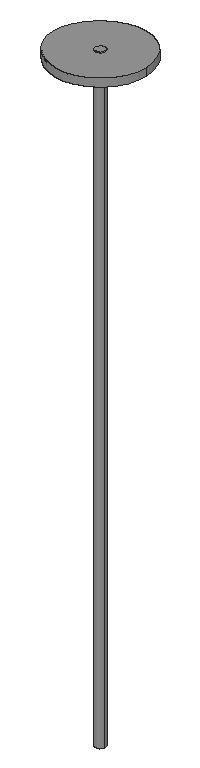
Revit family "Graypants_Roest_15v_30v_45v_Pendant_R21_0925", category Lighting Fixtures, host Face, Revit 2021
Family settings
  Host = Face
  Round Connector Dimension = Use Diameter
  Part Type = Normal
  Cut with Voids When Loaded = No
  Light Source = Yes
  Shared = No
  Room Calculation Point = No
Parameters (values of type "Graypants_Roest_45v_Pendant")
  Wattage = 9.2903 W
  built-in parameter 1150110 = 1 (stored number, unit not read)
  built-in parameter 1114217 = 1 (stored number, unit not read)
  built-in parameter 1150109 = 1 (stored number, unit not read)
  built-in parameter 1150134 = (empty or 0)
  built-in parameter 1150113 = 1 (stored number, unit not read)
  built-in parameter 1150105 = 109.82 (stored number, unit not read)
  Lumens = 1380 lm
  built-in parameter 1150115 = 1 (stored number, unit not read)
  Light Source Symbol Size = 0' - 2 3/8"
  Light Source Height [instance] = 6' - 8.87574"
  built-in parameter 1150137 = (empty or 0)
  built-in parameter 1150139 = (empty or 0)
  built-in parameter 1150112 = 1 (stored number, unit not read)
  built-in parameter 1150114 = 1 (stored number, unit not read)
  built-in parameter 1150132 = (empty or 0)
  built-in parameter 1150102 = (empty or 0)
  built-in parameter 1150107 = 2700 (stored number, unit not read)
  built-in parameter 1150138 = (empty or 0)
  built-in parameter 1150106 = 1.0982 (stored number, unit not read)
  Graypants_Voltage = "GU10 - 120V\n | Optional Integrated LED - 120-277V"
  Graypants_URL = "www.graypants.com"
  Graypants_Spec_Sheet = "https://www.dropbox.com/scl/fo/zxslw7fhbss0qgtmx8df2/ANZ-ga-mVAo56g1C9NGR9D8/Products/Roest/Vertical%20Pendant/Spec%20Sheets?preview=Roest+Pendant+Vertical+Spec+Sheet_US.pdf&rlkey=glrraudipnzhgqgd2zad6qe0a&subfolder_nav_tracking=1&st=npss9gzz&dl=0"
  Graypants_Shade_Material_Finish [instance] = none
  Graypants_Shade_Finish_Options = "Rust | \nRust/Zinc | \nZinc\n | Carbon"
  Graypants_SKU = "45v Pendant Zinc - GP2002-AZ\n | 45v Pendant Carbon - GP2002-C | 45v Pendant Rust - GP2002-N | \n45v Pendant Rust/Zinc - GP2002-Z"
  Graypants_Model = "45v Pendant"
  Graypants_Manufacturer = "Graypants"
  Graypants_Initial_Intensity = "GU10 - Dependant on Lamp | \nOptional Integrated LED - NA"
  Graypants_Initial_Color_Temperature = "GU10 - 2700K Recommended / Dependant on Lamp\n | Integrated LED - 2700K"
  Graypants_Dimming = "GU10 - Depending on lamp\n | Optional Integrated LED - 0-10v or Triac/ELV"
  Graypants_Description = "The Roest collection bends the norm with its unpretentious simplicity, in which the design has met no equal. Nature’s reaction between \niron, oxygen, water and time. Designed by VanJoost and hand-made in Holland, Roest presents natural colors in unusual settings."
  Graypants_Cord_Material_Finish = _Graypants_Black_Finish
  Graypants_Cord/Canopy_Finish_Options = "Black"
  Graypants_Canopy_Material_Finish = _Graypants_Black_Finish
  Graypants_Apparent_Load = "GU10, Max 10W LED | \nOptional Integrated LED - 12W"
  Graypants_45v_Shade_Visible = yes
  Graypants_45v_Cord_Visible = yes
  Graypants_45v_Canopy_Visible = yes
  Graypants_30v_Shade_Visible = no
  Graypants_30v_Cord_Visible = no
  Graypants_30v_Canopy_Visible = no
  Graypants_15v_Shade_Visible = no
  Graypants_15v_Cord_Visible = no
  Graypants_15v_Canopy_Visible = no
  Floor to Ceiling [instance] = 10' - 0"
  Floor to Bottom of Shade [instance] = 6' - 0"
  Emit from Line Length = 1' - 5 183/256"
  built-in parameter 1150104 = 13.8 (stored number, unit not read)
  Dimming Lamp Color Temperature Shift = <None>
  Default Elevation = 4' - 0"
  Color Filter = 16777215
  built-in parameter 1114218 = 1 (stored number, unit not read)
  built-in parameter 1150133 = 10 (stored number, unit not read)
  Adjusted 45v Floor to Bottom of Shade [instance] = Floor to Bottom of Shade + 1' 5 183/256"  # 7' - 5 183/256"
  Adjusted 30v Floor to Bottom of Shade [instance] = Floor to Bottom of Shade + 0' 11 13/16"  # 6' - 11 13/16"
  Adjusted 15v Floor to Bottom of Shade [instance] = Floor to Bottom of Shade + 0' 5 29/32"  # 6' - 5 29/32"
Types (4): name | Light Source Height | Graypants_SKU | Graypants_Model | Graypants_Dimming | Graypants_Apparent_Load | Graypants_45v_Shade_Visible | Graypants_45v_Cord_Visible | Graypants_45v_Canopy_Visible | Graypants_30v_Shade_Visible | Graypants_30v_Cord_Visible | Graypants_30v_Canopy_Visible | Graypants_15v_Shade_Visible | Graypants_15v_Cord_Visible | Graypants_15v_Canopy_Visible | Emit from Line Length
  (no name) | 6' - 8.87574" | "45v Pendant Zinc - GP2002-AZ\n | 45v Pendant Carbon - GP2002-C | 45v Pendant Rust - GP2002-N | \n45v Pendant Rust/Zinc - GP2002-Z" | "45v Pendant" | "GU10 - Depending on lamp\n | Optional Integrated LED - 0-10v or Triac/ELV" | "GU10, Max 10W LED | \nOptional Integrated LED - 12W" | yes | yes | yes | no | no | no | no | no | no | 1' - 5 183/256"
  Graypants_Roest_15v_Pendant | 6' - 2.95518" | "15v Pendant Zinc - GP2000-AZ | \n15v Pendant Carbon - GP2000-C | 15v Pendant Rust - GP2000-N\n | 15v Pendant Rust/Zinc - GP2000-Z" | "15v Pendant" | "GU10 - Depending on lamp | \nOptional Integrated LED - 0-10v or Triac/ELV" | "GU10, Max 10W LED | \nOptional Integrated LED - 12W" | no | no | no | no | no | no | yes | yes | yes | 0' - 5 29/32"
  Graypants_Roest_30v_Pendant | 6' - 5.90699" | "30v Pendant Zinc - GP2001-AZ\n | 30v Pendant Carbon - GP2001-C | 30v Pendant Rust - GP2001-N | \n30v Pendant Rust/Zinc - GP2001-Z" | "30v Pendant" | "GU10 - Depending on lamp | \nOptional Integrated LED - 0-10v or Triac/ELV" | "GU10, Max 10W LED\n | Optional Integrated LED - 12W" | no | no | no | yes | yes | yes | no | no | no | 0' - 11 13/16"
  Graypants_Roest_45v_Pendant | 6' - 8.87574" | "45v Pendant Zinc - GP2002-AZ\n | 45v Pendant Carbon - GP2002-C | 45v Pendant Rust - GP2002-N | \n45v Pendant Rust/Zinc - GP2002-Z" | "45v Pendant" | "GU10 - Depending on lamp\n | Optional Integrated LED - 0-10v or Triac/ELV" | "GU10, Max 10W LED | \nOptional Integrated LED - 12W" | yes | yes | yes | no | no | no | no | no | no | 1' - 5 183/256"
Reference planes (in)
  plane 1 "Center (Front/Back)": y = 0
  plane 2: z = 0
  plane 3 "Center (Left/Right)": x = 0
  plane 4 "Floor Reference": z = 0
  plane 5 "Mount Point": z = 120
  plane 6 "Light Source Height": z = 80.87574
  plane 7 "15v Bottom of Cord": z = 77.90625
  plane 8 "30v Bottom of Cord": z = 83.8125
  plane 9 "45v Bottom of Cord": z = 89.71484
Forms (in)
  Extrusion 1, solid, material "_Graypants_Black_Finish" <- "Graypants_Cord_Material_Finish", visible <- "Graypants_15v_Cord_Visible"
    sketch origin (179.99773, -120.73015, 0) x (1, 0, 0) y (0, 1, 0)
      loop
        circle (-179.99773, 120.73015) r 0.24
    from 77.90625 to 120
  Extrusion 2, solid, material "_Graypants_Black_Finish" <- "Graypants_Cord_Material_Finish", visible <- "Graypants_30v_Cord_Visible"
    sketch origin (179.99773, -120.73015, 0) x (1, 0, 0) y (0, 1, 0)
      loop
        circle (-179.99773, 120.73015) r 0.24
    from 83.8125 to 120
  Extrusion 3, solid, material "_Graypants_Black_Finish" <- "Graypants_Cord_Material_Finish", visible <- "Graypants_45v_Cord_Visible"
    sketch origin (179.99773, -120.73015, 0) x (1, 0, 0) y (0, 1, 0)
      loop
        circle (-179.99773, 120.73015) r 0.24
    from 89.71484 to 120
  Extrusion 4, solid, material "_Graypants_Black_Finish" <- "Graypants_Canopy_Material_Finish", visible <- "Graypants_15v_Canopy_Visible"
    sketch origin (120.02826, -120.01544, 0) x (1, 0, 0) y (0, 1, 0)
      loop
        circle (-120.02826, 120.01544) r 2.25
    from 119.62413 to 120
  Extrusion 5, solid, material "_Graypants_Black_Finish" <- "Graypants_Canopy_Material_Finish", visible <- "Graypants_30v_Canopy_Visible"
    sketch origin (120.02826, -120.01544, 0) x (1, 0, 0) y (0, 1, 0)
      loop
        circle (-120.02826, 120.01544) r 2.25
    from 119.62413 to 120
  Extrusion 6, solid, material "_Graypants_Black_Finish" <- "Graypants_Canopy_Material_Finish", visible <- "Graypants_45v_Canopy_Visible"
    sketch origin (120.02826, -120.01544, 0) x (1, 0, 0) y (0, 1, 0)
      loop
        circle (-120.02826, 120.01544) r 2.25
    from 119.62413 to 120
  Extrusion 7, solid, material "_Graypants_Black_Finish" <- "Graypants_Canopy_Material_Finish", visible <- "Graypants_15v_Canopy_Visible", not visible
    sketch origin (125.46223, -120.01544, -0.5) x (1, 0, 0) y (0, 1, 0)
      loop
        circle (-120.02826, 120.01544) r 2.25
    from 119.62413 to 120
  Extrusion 8, solid, material "_Graypants_Black_Finish" <- "Graypants_Canopy_Material_Finish", visible <- "Graypants_30v_Canopy_Visible", not visible
    sketch origin (131.71223, -120.01544, -0.5) x (1, 0, 0) y (0, 1, 0)
      loop
        circle (-120.02826, 120.01544) r 2.25
    from 119.62413 to 120
  Extrusion 9, solid, material "_Graypants_Black_Finish" <- "Graypants_Canopy_Material_Finish", visible <- "Graypants_45v_Canopy_Visible", not visible
    sketch origin (138.21223, -120.01544, -0.5) x (1, 0, 0) y (0, 1, 0)
      loop
        circle (-120.02826, 120.01544) r 2.25
    from 119.62413 to 120
Dimensions and locks (in)
  "Floor to Ceiling": plane 5 "Mount Point" to plane 4 "Floor Reference"
  "Light Source Height": plane 6 "Light Source Height" to plane 4 "Floor Reference"
  "Adjusted 15v Floor to Bottom of Shade": plane 7 "15v Bottom of Cord" to plane 4 "Floor Reference"
  "Adjusted 30v Floor to Bottom of Shade": plane 8 "30v Bottom of Cord" to plane 4 "Floor Reference"
  "Adjusted 45v Floor to Bottom of Shade": plane 9 "45v Bottom of Cord" to plane 4 "Floor Reference"
  aligned and locked: plane 2 to host face
  aligned and locked: level to host face
  aligned and locked: plane 4 "Floor Reference" to host face
  aligned and locked: plane 5 "Mount Point" to Extrusion 1
  aligned and locked: plane 7 "15v Bottom of Cord" to Extrusion 1
  aligned and locked: nested 1 to plane 7 "15v Bottom of Cord"
  aligned and locked: plane 5 "Mount Point" to Extrusion 3
  aligned and locked: plane 5 "Mount Point" to Extrusion 2
  aligned and locked: nested 3 to plane 9 "45v Bottom of Cord"
  aligned and locked: nested 2 to plane 8 "30v Bottom of Cord"
  aligned and locked: plane 8 "30v Bottom of Cord" to Extrusion 2
  aligned and locked: plane 9 "45v Bottom of Cord" to Extrusion 3
  aligned and locked: imposter light to plane 6 "Light Source Height"
  aligned and locked: plane 5 "Mount Point" to Extrusion 4
  aligned and locked: plane 5 "Mount Point" to Extrusion 5
  aligned and locked: plane 5 "Mount Point" to Extrusion 6
Automatic sketch dimensions
  host sketch curve to host sketch curve = 8' - 0"  (x2)
  Extrusion 1 sketch curve to plane 3 "Center (Left/Right)" = 0' - 0"
  Extrusion 1 sketch curve to plane 1 "Center (Front/Back)" = 0' - 0"
  Extrusion 2 sketch curve to plane 3 "Center (Left/Right)" = 0' - 0"
  Extrusion 2 sketch curve to plane 1 "Center (Front/Back)" = 0' - 0"
  plane 3 "Center (Left/Right)" to Extrusion 3 sketch curve = 0' - 0"
  Extrusion 3 sketch curve to plane 1 "Center (Front/Back)" = 0' - 0"
  radius of Extrusion 1 sketch curve = 0' - 0.24"
  radius of Extrusion 2 sketch curve = 0' - 0.24"
  radius of Extrusion 3 sketch curve = 0' - 0.24"
  radius of Extrusion 4 sketch curve = 0' - 2 1/4"
  radius of Extrusion 5 sketch curve = 0' - 2 1/4"
  radius of Extrusion 6 sketch curve = 0' - 2 1/4"
  radius of Extrusion 7 sketch curve = 0' - 2 1/4"
  radius of Extrusion 8 sketch curve = 0' - 2 1/4"
  radius of Extrusion 9 sketch curve = 0' - 2 1/4"
Nested families (in)
  nested 1: "Graypants_Roest_15v_Shade" at (0, 0, 72.00074), visible <- "Graypants_15v_Shade_Visible", type "Graypants_Roest_15v_Shade"
  nested 2: "Graypants_Roest_30v_Shade" at (-0.00016, 0, 72.00148), visible <- "Graypants_30v_Shade_Visible", type "Graypants_Roest_30v_Shade"
  nested 3: "Graypants_Roest_45v_Shade" at (-0.05939, 0, 71.99831), visible <- "Graypants_45v_Shade_Visible", type "Graypants_Roest_45v_Shade"
Definition of nested family "Graypants_Roest_15v_Shade"
  Parameters
    Default Elevation = 0' - 0"
  Reference planes (in)
    plane 1 "Center (Front/Back)": y = 0
    plane 2: z = 0
    plane 3 "Center (Left/Right)": x = 0
  Dimensions and locks (in)
    aligned and locked: plane 2 to level
Definition of nested family "Graypants_Roest_30v_Shade"
  Parameters
    Default Elevation = 0' - 0"
  Reference planes (in)
    plane 1 "Center (Front/Back)": y = 0
    plane 2: z = 0
    plane 3 "Center (Left/Right)": x = 0
  Dimensions and locks (in)
    aligned and locked: plane 2 to level
Definition of nested family "Graypants_Roest_45v_Shade"
  Parameters
    Default Elevation = 0' - 0"
  Reference planes (in)
    plane 1 "Center (Front/Back)": y = 0
    plane 2: z = 0
    plane 3 "Center (Left/Right)": x = 0
  Dimensions and locks (in)
    aligned and locked: plane 2 to level
